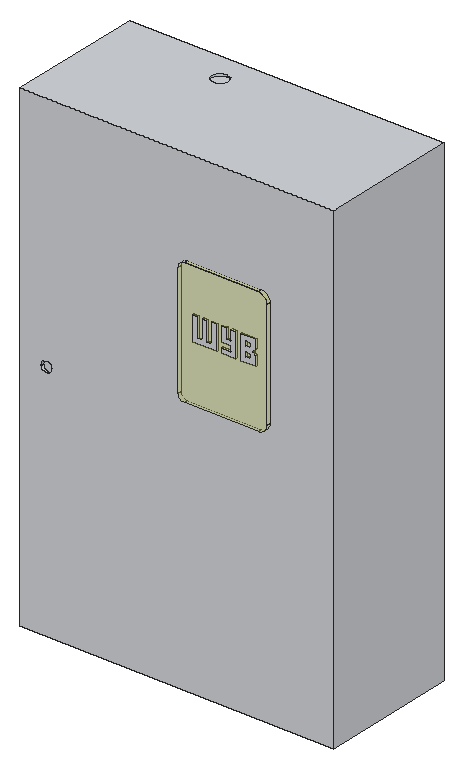
Revit family "ШУВ_С300_РЖ_ЮТ+ТЭН_14.03.25", category Оборудование, Revit 2020
Family settings
  Размер круглого соединителя = Использовать диаметр
  Классификация = Нет
  Тип детали = Нормальный
  На основе рабочей плоскости = Нет
  Всегда вертикально = Да
  При загрузке вырезать с полостями = Нет
  Общий = Нет
  Точка расчета площади = Нет
Parameters (values of type "ШУВ_С300_РЖ_ЮТ_45-55кВт + ТЭН 4-45кВт")
  расст замок верт = 500 mm
  Ширина [instance] = 650 mm
  Расст замок = 55 mm
  Расст ПУШ от верхней стенки = 200 mm
  Расст ввод от задней стенки = 60 mm
  Расст ввод от левой стенки = 235 mm
  Расст ПУШ от левой стенки = 335 mm
  Отметка по умолчанию = 0 mm
  Описание = "ШУВ предназначен для управления одно/трехфазным электродвигателем приточного или вытяжного вентилятора системы противопожарной вентиляции от 0,37 до 90 кВт, как в режиме «Местный пуск» с лицевой панели ШУВ, так и по сигналам любого модуля/прибора управления в режиме «Автоматический пуск» с контролем и отображением состояния вентилятора при помощи световой индикации и с передачей сигналов состояния на модуль управления, а также с опцией управления электрическим нагревателем мощностью 4 – 45 кВт."
  Назв гориз ПУШ = 210 mm
  Комментарии к типоразмеру = "Ш5/DEK"
  Изготовитель = "ООО \"Плазма-Т\""
  Группа модели = "ШУВ"
  Глубина [instance] = 285 mm
  Высота [instance] = 1000 mm
  URL = "https://plazma-t.ru/"
  B = 200 mm
  A = 225 mm
Types (4, lengths in mm): name | расст замок верт | Ширина | Расст ПУШ от верхней стенки | Расст ввод от левой стенки | Расст ПУШ от левой стенки | Комментарии к типоразмеру | Группа модели | Глубина | Высота | B | A
  ШУВ_С300_РЖ_ЮТ_15-37кВт + ТЭН 4-45кВт | 400 | 650 | 110 | 245 | 335 | "Ш4/DEK" | "ШУВ + ТЭН" | 250 | 800 | 200 | 225
  ШУВ_С300_РЖ_ЮТ_45-55кВт + ТЭН 4-45кВт | 500 | 650 | 200 | 235 | 335 | "Ш5/DEK" | "ШУВ" | 285 | 1000 | 200 | 225
  ШУВ_С300_РЖ_ЮТ_75-90кВт + ТЭН 4-45кВт | 600 | 750 | 200 | 235 | 430 | "Ш6/DEK" | "ШУВ" | 300 | 1200 | 250 | 275
  ШУВ_С300_РЖ_ЮТ_0,37-11 кВт + ТЭН 4-45кВт | 325 | 500 | 110 | 300 | 240 | "Ш3/DEK" | "ШУВ + ТЭН" | 220 | 650 | 125 | 150
Reference planes
  plane 1 "По центру (Вперед/Назад)": y = 0
  plane 2: z = 0
  plane 3 "По центру (Влево/Вправо)": x = 0
  plane 4: y = -9
  plane 5 "Текст": y = -9
Forms (mm)
  Extrusion 1, solid
    sketch origin (0, 0, 0) x (1, 0, 0) y (0, 1, 0)
      loop
        line (0, 0) -> (650, 0) -> (650, 285) -> (0, 285) -> (0, 0)
    from 0 to 1000
  Extrusion 2, solid, material "Источник света по умолчанию"
    sketch origin (-180, 0, 0) x (1, 0, 0) y (0, 0, 1)
      loop
        arc (528, 800) -> (518.808, 796.192) -> (515, 787) r 13
        line (515, 787) -> (515, 553)
        arc (515, 553) -> (518.808, 543.808) -> (528, 540) r 13
        line (528, 540) -> (681.542, 540)
        arc (681.542, 540) -> (694.27, 545.272) -> (699.542, 558) r 18
        line (699.542, 558) -> (699.542, 782)
        arc (699.542, 782) -> (694.27, 794.728) -> (681.542, 800) r 18
        line (681.542, 800) -> (528, 800)
    from 0 to 9
  Extrusion 3, void
    sketch origin (0, 0, 0) x (1, 0, 0) y (0, 0, 1)
      loop
        circle (55, 500) r 11.5
    from 10 to -5.347
  Extrusion 4, void
    sketch origin (0, 0, 1000) x (0, 1, 0) y (1, 0, 0)
      loop
        circle (225, 235) r 17
    from 0 to 3
  Extrusion 5, solid
    sketch origin (-348.835, -9, 569.743) x (0, 0, -1) y (-1, 0, 0)
      loop
        line (-140.257, -713.835) -> (-140.257, -723.835) -> (-100.257, -723.835) -> (-100.257, -733.835) -> (-140.257, -733.835) -> (-140.257, -743.835) -> (-100.257, -743.835) -> (-100.257, -753.835) -> (-140.257, -753.835) -> (-140.257, -763.835) -> (-90.257, -763.835) -> (-90.257, -713.835) -> (-140.257, -713.835)
      loop
        line (-140.257, -773.835) -> (-140.257, -783.835) -> (-120.257, -783.835) -> (-120.257, -793.835) -> (-140.257, -793.835) -> (-140.257, -803.835) -> (-90.257, -803.835) -> (-90.257, -773.835) -> (-100.257, -773.835) -> (-100.257, -793.835) -> (-110.257, -793.835) -> (-110.257, -773.835) -> (-140.257, -773.835)
      loop
        line (-140.257, -813.835) -> (-140.257, -843.835) -> (-120.257, -843.835) -> (-115.257, -838.835) -> (-110.257, -843.835) -> (-90.257, -843.835) -> (-90.257, -813.835) -> (-140.257, -813.835)
      loop
        line (-100.257, -823.835) -> (-110.257, -823.835) -> (-110.257, -833.835) -> (-100.257, -833.835) -> (-100.257, -823.835)
      loop
        line (-130.257, -823.835) -> (-130.257, -833.835) -> (-120.257, -833.835) -> (-120.257, -823.835) -> (-130.257, -823.835)
    from 0 to 3
  Extrusion 6, void
    sketch origin (0, 0, 0) x (1, 0, 0) y (0, 1, 0)
      loop
        circle (200, 175) r 17
      loop
        circle (250, 175) r 17
      loop
        circle (300, 175) r 17
      loop
        circle (350, 175) r 17
      loop
        circle (400, 175) r 17
      loop
        circle (450, 175) r 17
      loop
        circle (225, 225) r 17
      loop
        circle (275, 225) r 17
      loop
        circle (325, 225) r 17
      loop
        circle (375, 225) r 17
      loop
        circle (425, 225) r 17
    from 0 to 3
Cuts and joins
  Extrusion 3, Extrusion 4, Extrusion 6 cuts Extrusion 1
Dimensions and locks
  "Ширина": Extrusion 1 to Extrusion 1
  "Глубина": Extrusion 1 to Extrusion 1
  "Высота": Extrusion 1 to Extrusion 1
  "Расст ПУШ от верхней стенки": Extrusion 1 to Extrusion 2 sketch curve
  "расст замок верт": Extrusion 1 to Extrusion 3 sketch curve
  "Расст замок": Extrusion 1 to Extrusion 3 sketch curve
  "Расст ввод от левой стенки": Extrusion 4 sketch curve to cut or joined group of Extrusion 1, Extrusion 3, Extrusion 4, Extrusion 6
  "Расст ввод от задней стенки": cut or joined group of Extrusion 1, Extrusion 3, Extrusion 4, Extrusion 6 to Extrusion 4 sketch curve
  locked: Extrusion 2 sketch curve to Extrusion 2 sketch curve at 184.542
  locked: Extrusion 2 sketch curve to Extrusion 2 sketch curve at 260
  "Расст ПУШ от левой стенки": cut or joined group of Extrusion 1, Extrusion 3, Extrusion 4, Extrusion 6 to Extrusion 2 sketch curve
  cut or joined group of Extrusion 1, Extrusion 3, Extrusion 4, Extrusion 6 to cut or joined group of Extrusion 1, Extrusion 3, Extrusion 4, Extrusion 6 = 650 mm
  locked: Extrusion 5 to Extrusion 5 at 130
  locked: Extrusion 5 to Extrusion 5 at 50  (x4)
  locked: Extrusion 5 to Extrusion 5 at 90
  locked: Extrusion 5 to Extrusion 5 at 30
  "B": cut or joined group of Extrusion 1, Extrusion 3, Extrusion 4, Extrusion 6 to Extrusion 6 sketch curve
  locked: Extrusion 2 to Extrusion 5 at 30
  locked: Extrusion 5 to Extrusion 2 at 170
  equal spacing: Extrusion 6 sketch curve, Extrusion 6 sketch curve, Extrusion 6 sketch curve, Extrusion 6 sketch curve, Extrusion 6 sketch curve, Extrusion 6 sketch curve
  equal spacing: Extrusion 6 sketch curve, Extrusion 6 sketch curve, Extrusion 6 sketch curve, Extrusion 6 sketch curve, Extrusion 6 sketch curve
  "A": cut or joined group of Extrusion 1, Extrusion 3, Extrusion 4, Extrusion 6 to Extrusion 6 sketch curve
  cut or joined group of Extrusion 1, Extrusion 3, Extrusion 4, Extrusion 6 to Extrusion 6 sketch curve = 60 mm  (x5)
  cut or joined group of Extrusion 1, Extrusion 3, Extrusion 4, Extrusion 6 to Extrusion 6 sketch curve = 110 mm  (x6)
  diameter of Extrusion 4 sketch curve = 34 mm
  aligned and locked: level to plane 2
  aligned and locked: Extrusion 1 to level
  aligned and locked: Extrusion 1 to plane 3 "По центру (Влево/Вправо)"
  aligned and locked: plane 1 "По центру (Вперед/Назад)" to Extrusion 1
  aligned and locked: plane 5 "Текст" to Extrusion 2
Automatic sketch dimensions
  plane 3 "По центру (Влево/Вправо)" to Extrusion 1 sketch curve = 0 mm
  plane 1 "По центру (Вперед/Назад)" to Extrusion 1 sketch curve = 0 mm
  plane 3 "По центру (Влево/Вправо)" to Extrusion 1 sketch curve = 650 mm
  Extrusion 1 sketch curve to plane 1 "По центру (Вперед/Назад)" = 285 mm
  plane 3 "По центру (Влево/Вправо)" to Extrusion 5 sketch curve = 365 mm
  level to Extrusion 5 sketch curve = 710 mm
  Extrusion 5 sketch curve to Extrusion 5 sketch curve = 0 mm  (x11)
  Extrusion 5 sketch curve to Extrusion 5 sketch curve = 20 mm  (x2)
  plane 3 "По центру (Влево/Вправо)" to Extrusion 5 sketch curve = 495 mm
  Extrusion 5 sketch curve to Extrusion 5 sketch curve = 10 mm  (x18)
  Extrusion 5 sketch curve to Extrusion 5 sketch curve = 5 mm  (x5)
  Extrusion 5 sketch curve to Extrusion 5 sketch curve = 40 mm
  Extrusion 2 sketch curve to Extrusion 2 sketch curve = 13 mm  (x2)
  Extrusion 2 sketch curve to Extrusion 2 sketch curve = 18 mm  (x2)
  Extrusion 6 sketch curve to Extrusion 6 sketch curve = 50 mm  (x2)
  radius of Extrusion 3 sketch curve = 11.5 mm
  radius of Extrusion 6 sketch curve = 17 mm  (x11)
Connectors
  electrical at (200, 175, 3)
    settings: on cut or joined group of Extrusion 1, Extrusion 3, Extrusion 4, Extrusion 6, index 1, voltage 0 V, apparent load 0 VA, apparent load phase1 0 VA, apparent load phase2 0 VA, apparent load phase3 0 VA, power factor 1, load classification "Прочее", number of poles 1, system type 11, power factor state 1, is connector primary yes, connector utility no, sub classification motor no, connector description "Сухой контакт"
  electrical at (250, 175, 3)
    settings: on cut or joined group of Extrusion 1, Extrusion 3, Extrusion 4, Extrusion 6, index 2, voltage 0 V, apparent load 0 VA, apparent load phase1 0 VA, apparent load phase2 0 VA, apparent load phase3 0 VA, power factor 1, load classification "Прочее", number of poles 1, system type 11, power factor state 1, is connector primary no, connector utility no, sub classification motor no, connector description "Сухой контакт"
  electrical at (300, 175, 3)
    settings: on cut or joined group of Extrusion 1, Extrusion 3, Extrusion 4, Extrusion 6, index 3, voltage 0 V, apparent load 0 VA, apparent load phase1 0 VA, apparent load phase2 0 VA, apparent load phase3 0 VA, power factor 1, load classification "Прочее", number of poles 1, system type 11, power factor state 1, is connector primary no, connector utility no, sub classification motor no, connector description "Сухой контакт"
  electrical at (350, 175, 3)
    settings: on cut or joined group of Extrusion 1, Extrusion 3, Extrusion 4, Extrusion 6, index 4, voltage 0 V, apparent load 0 VA, apparent load phase1 0 VA, apparent load phase2 0 VA, apparent load phase3 0 VA, power factor 1, load classification "Прочее", number of poles 1, system type 13, power factor state 1, is connector primary no, connector utility no, sub classification motor no, connector description "Шлейф"
  electrical at (400, 175, 3)
    settings: on cut or joined group of Extrusion 1, Extrusion 3, Extrusion 4, Extrusion 6, index 5, voltage 0 V, apparent load 0 VA, apparent load phase1 0 VA, apparent load phase2 0 VA, apparent load phase3 0 VA, power factor 1, load classification "Прочее", number of poles 1, system type 13, power factor state 1, is connector primary no, connector utility no, sub classification motor no, connector description "Шлейф"
  electrical at (450, 175, 3)
    settings: on cut or joined group of Extrusion 1, Extrusion 3, Extrusion 4, Extrusion 6, index 6, voltage 0 V, apparent load 0 VA, apparent load phase1 0 VA, apparent load phase2 0 VA, apparent load phase3 0 VA, power factor 1, load classification "Прочее", number of poles 1, system type 13, power factor state 1, is connector primary no, connector utility no, sub classification motor no, connector description "Шлейф"
  electrical at (225, 225, 3)
    settings: on cut or joined group of Extrusion 1, Extrusion 3, Extrusion 4, Extrusion 6, index 7, voltage 0 V, apparent load 0 VA, apparent load phase1 0 VA, apparent load phase2 0 VA, apparent load phase3 0 VA, power factor 1, load classification "Прочее", number of poles 1, system type 13, power factor state 1, is connector primary no, connector utility no, sub classification motor no, connector description "Шлейф"
  electrical at (275, 225, 3)
    settings: on cut or joined group of Extrusion 1, Extrusion 3, Extrusion 4, Extrusion 6, index 8, voltage 0 V, apparent load 0 VA, apparent load phase1 0 VA, apparent load phase2 0 VA, apparent load phase3 0 VA, power factor 1, load classification "Прочее", number of poles 1, system type 13, power factor state 1, is connector primary no, connector utility no, sub classification motor no, connector description "Шлейф"
  electrical at (325, 225, 3)
    settings: on cut or joined group of Extrusion 1, Extrusion 3, Extrusion 4, Extrusion 6, index 9, voltage 0 V, apparent load 0 VA, apparent load phase1 0 VA, apparent load phase2 0 VA, apparent load phase3 0 VA, power factor 1, load classification "Прочее", number of poles 1, system type 13, power factor state 1, is connector primary no, connector utility no, sub classification motor no, connector description "Терморезистивный сигнал"
  electrical at (375, 225, 3)
    settings: on cut or joined group of Extrusion 1, Extrusion 3, Extrusion 4, Extrusion 6, index 10, voltage 0 V, apparent load 0 VA, apparent load phase1 0 VA, apparent load phase2 0 VA, apparent load phase3 0 VA, power factor 1, load classification "Прочее", number of poles 1, system type 30, power factor state 1, is connector primary no, connector utility no, sub classification motor no, connector description "380В или 220В"
  electrical at (425, 225, 3)
    settings: on cut or joined group of Extrusion 1, Extrusion 3, Extrusion 4, Extrusion 6, index 11, voltage 0 V, apparent load 0 VA, apparent load phase1 0 VA, apparent load phase2 0 VA, apparent load phase3 0 VA, power factor 1, load classification "Прочее", number of poles 1, system type 30, power factor state 1, is connector primary no, connector utility no, sub classification motor no, connector description "380В или 220В"
  electrical at (235, 225, 997)
    settings: on cut or joined group of Extrusion 1, Extrusion 3, Extrusion 4, Extrusion 6, index 12, voltage 0 V, apparent load 0 VA, apparent load phase1 0 VA, apparent load phase2 0 VA, apparent load phase3 0 VA, power factor 1, load classification "Прочее", number of poles 1, system type 30, power factor state 1, is connector primary no, connector utility no, sub classification motor no, connector description "380В или 220В"
